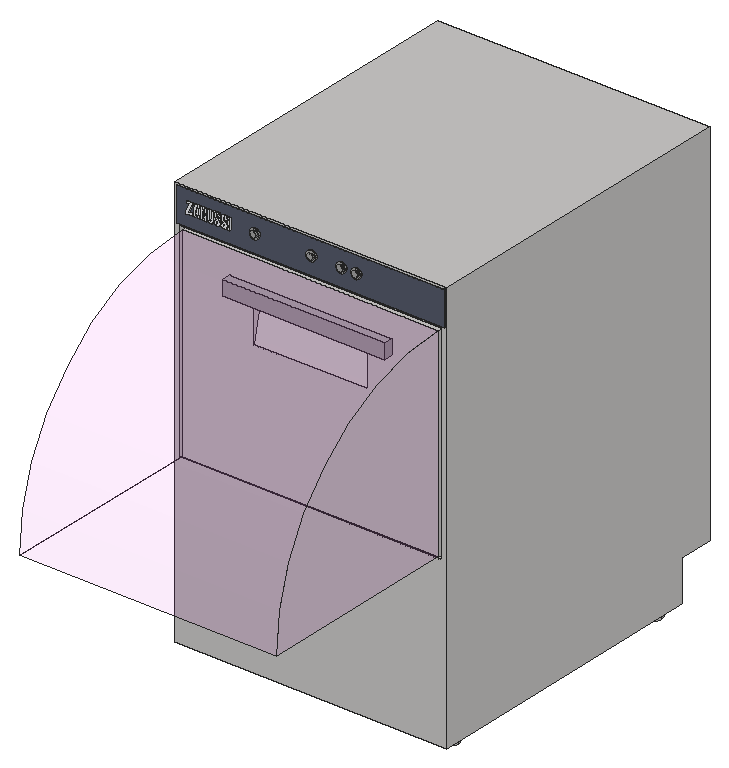
Revit family "QF_ZANUSSI_402295_ZSG", category Attrezzature speciali, Revit 2020
Family settings
  Quota connettore circolare = Usa diametro
  Tipo di parte = Normale
  Basato su piano di lavoro = No
  Sempre verticale = Sì
  Taglio con vuoti quando caricato = No
  Condiviso = Sì
  Punto di calcolo locali = No
Parameters (values of type "Standard")
  Weight = 83.7757 lbm
  Watts = 2700 W
  Volts = 220 V
  URL Manufacturer = "http://www.zanussiprofessional.com"
  URL = "http://www.zanussiprofessional.com"
  Steam Supply Size = 0"
  Steam Supply Minimum Pressure = 0.00 psi
  Steam Supply Maximum Pressure = 0.00 psi
  Steam Consumption per Hour = 0
  Show Logo [instance] = yes
  Show Clearance [instance] = yes
  Refrigeration Suction Line Size = 0 mm
  Refrigeration Liquid Line Size = 0 mm
  Refrigerant Compressor Remote = yes
  Prospetto di default = 0 mm
  Produttore = "Zanussi"
  Phase = 1
  Modello = "ZSG"
  Length Actual = 455 mm  # constant formula
  Item Number = "402295"
  Hot Water Size = 0"
  Height Actual = 700 mm  # constant formula
  HP = "3.6 HP"
  Gas Size = 0"
  Gas KW = 0
  Gas Input Pressure = 0.0 Btu/h
  Direct Waste Size = 1.14173"
  Descrizione = "GLASSWASHER(S) SINGLE SKIN, DRAIN PUMP, DETERGENT DISPENSER, 30B/H"
  Depth Actual = 550 mm  # constant formula
  Cycle = 50 Hz
  Condensate Return Size = 0"
  Compressed Air Volume = 0 GPM
  Compressed Air Size = 0"
  Compressed Air Pressure = 0.00 psi
  Cold Water Size = 3/4"
  Accessory = yes
Reference planes
  plane 1 "BACK": y = 0
  plane 2: z = 0
  plane 3 "LEFT": x = 0
  plane 4 "RIGHT": x = 455
  plane 5 "FRONT": y = -550
  plane 6 "TOP": z = 700
  plane 7: z = 80
Forms (mm)
  Extrusion 1, solid, material "QF_Finishes_Stainless Steel"
    sketch origin (572.404, -56, 162.714) x (1, 0, 0) y (0, 0, 1)
      loop
        line (-392.404, -132.714) -> (-392.404, -152.714) -> (-372.404, -152.714) -> (-372.404, -132.714) -> (-392.404, -132.714)
    from 0 to 2
  Extrusion 2, solid, material "QF_Finishes_Stainless Steel"
    sketch origin (492.814, -53, 212.692) x (1, 0, 0) y (0, 0, 1)
      loop
        circle (-372.814, -140.692) r 8
    from 0 to 5
  Extrusion 3, solid, material "QF_Finishes_Stainless Steel"
    sketch origin (0, 0, 0) x (0, 1, 0) y (0, 0, 1)
      loop
        line (0, 700) -> (-550, 700) -> (-550, 10) -> (-58, 10) -> (-58, 80) -> (0, 80) -> (0, 700)
    from 0 to 455
  Extrusion 4, void
    sketch origin (0, 0, 0) x (0, 1, 0) y (0, 0, 1)
      loop
        line (-520, 637) -> (-550, 637) -> (-550, 290) -> (-520, 290) -> (-520, 637)
    from 7.744 to 447.027
  Extrusion 5, solid, material "QF_Finishes_Stainless Steel"
    sketch origin (0, 0, 0) x (0, 1, 0) y (0, 0, 1)
      loop
        line (-525, 632) -> (-550, 632) -> (-550, 292) -> (-525, 292) -> (-525, 632)
    from 12.721 to 442.431
  Extrusion 6, void
    sketch origin (-10.963, 0, 0) x (0, 1, 0) y (0, 0, 1)
      loop
        line (-550, 567) -> (-550, 502) -> (-535, 567) -> (-550, 567)
    from 143.538 to 333.389
  Extrusion 7, solid, material "QF_Finishes_Gray"
    sketch origin (92.495, 0, 0) x (0, 1, 0) y (0, 0, 1)
      loop
        line (-550, 567) -> (-550, 592) -> (-565, 592) -> (-565, 567) -> (-550, 567)
    from 0 to 270.01
  Extrusion 8, solid, material "QF_Finishes_Navy Blue"
    sketch origin (0, 0, 0) x (0, 1, 0) y (0, 0, 1)
      loop
        line (-550, 640) -> (-550, 697) -> (-550.8, 697) -> (-550.8, 640) -> (-550, 640)
    from 3.223 to 451.973
  Revolve 9, solid, material "QF_Finishes_Door Clearance", visible <- "Show Clearance"
    sketch origin (0, -550, 0) x (1, 0, 0) y (0, 0, 1)
      loop
        line (12.721, 632) -> (12.721, 292) -> (442.431, 292) -> (442.431, 632) -> (12.721, 632)
      axis (442.431, 292) -> (12.721, 292)
    angle from 0 to -90
  Extrusion 10, solid, material "QF_Finishes_Stainless Steel"
    sketch origin (603.814, -53, 212.692) x (1, 0, 0) y (0, 0, 1)
      loop
        circle (-372.814, -140.692) r 8
    from 0 to 5
Cuts and joins
  Extrusion 4, Extrusion 6 cuts Extrusion 3
  Extrusion 6 cuts Extrusion 5
Dimensions and locks
  plane 1 "BACK" to plane 5 "FRONT" = 550 mm
  plane 4 "RIGHT" to plane 3 "LEFT" = 455 mm
  plane 6 "TOP" to level = 700 mm
  plane 3 "LEFT" to plane 4 "RIGHT" = 455 mm
  plane 5 "FRONT" to plane 1 "BACK" = 550 mm
  plane 6 "TOP" to plane 2 = 700 mm
  plane 7 to plane 2 = 80 mm
  cut or joined group of Extrusion 3, Extrusion 4, Extrusion 6 to Revolve 9 = 890 mm
  aligned and locked: level to plane 2
Nested families
  nested 1: "Piedino 10x12.5 mm - DISHWASHING" at (435.5, -517, 0), type "Piedino 10x12.5 mm - DISHWASHING"
  nested 2: "Piedino 10x12.5 mm - DISHWASHING" at (19.5, -517, 0) x (-1, 0, 0) z (0, 0, 1), type "Piedino 10x12.5 mm - DISHWASHING"
  nested 3: "Piedino 10x12.5 mm - DISHWASHING" at (435.5, -91, 0), type "Piedino 10x12.5 mm - DISHWASHING"
  nested 4: "Piedino 10x12.5 mm - DISHWASHING" at (19.5, -91, 0) x (-1, 0, 0) z (0, 0, 1), type "Piedino 10x12.5 mm - DISHWASHING"
  nested 5: "ZANUSSI_Logo - WHITE" at (62.415, -550.8, 719) x (1, 0, 0) z (0, -1, 0), Show Logo <- "Show Logo", visible <- "Show Logo", type "ZANUSSI_Logo - WHITE"
    with Show Logo yes
  nested 6: "Bottone grigio DISHWASHING" at (135, -550.8, 670) x (1, 0, 0) z (0, -1, 0), type "Bottone grigio DISHWASHING"
  nested 7: "Bottone grigio DISHWASHING" at (230, -550.8, 670) x (1, 0, 0) z (0, -1, 0), type "Bottone grigio DISHWASHING"
  nested 8: "Bottone grigio DISHWASHING" at (280, -550.8, 670) x (1, 0, 0) z (0, -1, 0), type "Bottone grigio DISHWASHING"
  nested 9: "Bottone grigio DISHWASHING" at (305, -550.8, 670) x (1, 0, 0) z (0, -1, 0), type "Bottone grigio DISHWASHING"
Connectors
  electrical at (190, -56, 20)
    settings: on Extrusion 1, index 3, voltage 0 V, apparent load 0 VA, apparent load phase1 0 VA, apparent load phase2 0 VA, apparent load phase3 0 VA, power factor 1, load classification "Altro", number of poles 1, system type 30, power factor state 1, is connector primary yes, connector utility no, sub classification motor no, connector description "EI"
  piping at (120, -53, 72), diameter 12.7
    settings: on Extrusion 2, index 4, connector inside diameter 24", connector length 0 mm, flow factor 0, pipe flow 0 GPM, pressure drop 0.00 psi, fitting loss kfactor 0, connector angle 0.00°, fixture units 0, engagement length 0 mm, angle of deflection 0.00°, flow configuration 0, flow direction 0, fitting loss method 0, system type 29, joint type 0, gender type 0, connector reference index -1, connector utility 0, adjustable connector no, is connector primary yes, connector description "WI"
  piping at (231, -53, 72), diameter 12.7
    settings: on Extrusion 10, index 5, connector inside diameter 24", connector length 0 mm, flow factor 0, pipe flow 0 GPM, pressure drop 0.00 psi, fitting loss kfactor 0, connector angle 0.00°, fixture units 0, engagement length 0 mm, angle of deflection 0.00°, flow configuration 0, flow direction 0, fitting loss method 0, system type 29, joint type 0, gender type 0, connector reference index -1, connector utility 0, adjustable connector no, is connector primary no, connector description "D"
Definition of nested family "Piedino 10x12.5 mm - DISHWASHING"
  Parameters (values of type "Piedino 10x12.5 mm - DISHWASHING")
    Default Elevation = 0 mm
    P = 930 mm
    L = 400 mm
    H = 290 mm
  Reference planes
    plane 1: y = 0
    plane 2: z = 0
    plane 3: x = 0
    plane 4: z = 290
    plane 5: z = 24
    plane 6: z = 55
  Forms (mm)
    Extrusion 1, solid
      sketch origin (-373.847, 979.72, 0) x (1, 0, 0) y (0, 1, 0)
        loop
          circle (373.847, -979.72) r 12.5
      from 0 to 10
  Dimensions and locks
    "H": plane 4 to level
    plane 4 to plane 5 to level = 266 mm, 24 mm
    level to plane 6 = 55 mm
    aligned and locked: level to plane 2
  Automatic sketch dimensions
    plane 3 to Extrusion 1 sketch curve = 0 mm
    plane 1 to Extrusion 1 sketch curve = 0 mm
    radius of Extrusion 1 sketch curve = 12.5 mm
Definition of nested family "ZANUSSI_Logo - WHITE"
  Parameters (values of type "ZANUSSI_Logo - WHITE")
    Show Logo [instance] = yes
    Default Elevation = 1219.2 mm
  Reference planes
    plane 1 "Center (Front/Back)": y = -49
    plane 2: z = 0
    plane 3 "Center (Left/Right)": x = -9.92
  Forms (mm)
    Extrusion 1, solid
      sketch origin (0, 0, 0) x (1, 0, 0) y (0, 1, 0)
        loop
          line (-1219.2, 1219.2) -> (-1219.2, -1219.2) -> (1219.2, -1219.2) -> (1219.2, 1219.2) -> (-1219.2, 1219.2)
      from 0 to -304.8
    Extrusion 2, solid, visible <- "Show Logo"
      sketch origin (106.353, -215.165, -50) x (1, 0, 0) y (0, 1, 0)
        loop
          line (-137.419, 156.48) -> (-137.419, 160.444) -> (-143.365, 160.444) -> (-137.419, 172.566) -> (-137.419, 175.851) -> (-147.274, 175.851) -> (-147.274, 172.226) -> (-142.063, 172.339) -> (-147.728, 160.444) -> (-147.728, 156.48) -> (-137.419, 156.48)
        loop
          line (-131.729, 163.73) -> (-129.463, 163.73) -> (-130.596, 172.54) -> (-131.729, 163.73)
        loop
          line (-132.748, 156.48) -> (-132.182, 160.218) -> (-128.897, 160.218) -> (-128.33, 156.48) -> (-124.252, 156.48) -> (-127.877, 175.851) -> (-133.315, 175.851) -> (-136.826, 156.48) -> (-132.748, 156.48)
        loop
          line (-123.75, 175.851) -> (-123.75, 156.48) -> (-120.238, 156.48) -> (-120.238, 169.281) -> (-116.953, 156.48) -> (-112.648, 156.48) -> (-112.648, 175.851) -> (-116.273, 175.851) -> (-116.273, 163.503) -> (-119.558, 175.851) -> (-123.75, 175.851)
        loop
          arc (-111.742, 161.27) -> (-106.896, 156.448) -> (-101.433, 160.558) r 5.22
          line (-101.433, 160.558) -> (-101.433, 175.851) -> (-105.398, 175.851) -> (-105.398, 161.464)
          arc (-105.398, 161.464) -> (-106.44, 160.263) -> (-107.777, 161.124) r 1.214
          line (-107.777, 161.124) -> (-107.777, 175.851) -> (-111.742, 175.851) -> (-111.742, 161.27)
        loop
          line (-94.069, 169.734) -> (-90.331, 169.734) -> (-90.269, 171.495)
          arc (-90.269, 171.495) -> (-90.53, 173.458) -> (-91.761, 175.009) r 3.719
          arc (-91.761, 175.009) -> (-95.38, 176.189) -> (-98.998, 175.009) r 6.139
          arc (-98.998, 175.009) -> (-100.474, 172.145) -> (-100.291, 168.927) r 6.125
          arc (-100.291, 168.927) -> (-99.079, 167.149) -> (-97.591, 165.594) r 13.068
          line (-97.591, 165.594) -> (-95.921, 164.113)
          arc (-95.921, 164.113) -> (-94.934, 163.275) -> (-94.167, 162.233) r 5.571
          arc (-94.167, 162.233) -> (-94.357, 160.41) -> (-96.143, 160.003) r 1.573
          arc (-96.143, 160.003) -> (-96.681, 160.547) -> (-96.911, 161.277) r 1.631
          arc (-96.911, 161.277) -> (-96.929, 161.791) -> (-96.911, 162.305) r 7.441
          arc (-96.911, 162.305) -> (-96.895, 162.791) -> (-96.911, 163.277) r 7.03
          line (-96.911, 163.277) -> (-100.866, 163.277)
          arc (-100.866, 163.277) -> (-100.828, 160.504) -> (-99.735, 157.955) r 7.131
          arc (-99.735, 157.955) -> (-94.571, 156.484) -> (-90.221, 159.633) r 6.148
          arc (-90.221, 159.633) -> (-90.141, 162.884) -> (-91.536, 165.823) r 7.021
          line (-91.536, 165.823) -> (-95.882, 169.734)
          arc (-95.882, 169.734) -> (-96.47, 170.472) -> (-96.785, 171.362) r 2.858
          arc (-96.785, 171.362) -> (-95.666, 172.959) -> (-94.069, 171.84) r 1.379
          line (-94.069, 171.84) -> (-94.069, 169.734)
        loop
          line (-82.771, 169.734) -> (-79.033, 169.734) -> (-78.971, 171.495)
          arc (-78.971, 171.495) -> (-79.232, 173.458) -> (-80.463, 175.009) r 3.719
          arc (-80.463, 175.009) -> (-84.081, 176.189) -> (-87.7, 175.009) r 6.139
          arc (-87.7, 175.009) -> (-89.175, 172.145) -> (-88.993, 168.927) r 6.125
          arc (-88.993, 168.927) -> (-87.781, 167.149) -> (-86.293, 165.594) r 13.068
          line (-86.293, 165.594) -> (-84.623, 164.113)
          arc (-84.623, 164.113) -> (-83.636, 163.275) -> (-82.869, 162.233) r 5.571
          arc (-82.869, 162.233) -> (-83.059, 160.41) -> (-84.845, 160.003) r 1.573
          arc (-84.845, 160.003) -> (-85.383, 160.547) -> (-85.613, 161.277) r 1.631
          arc (-85.613, 161.277) -> (-85.631, 161.791) -> (-85.613, 162.305) r 7.441
          arc (-85.613, 162.305) -> (-85.596, 162.791) -> (-85.613, 163.277) r 7.03
          line (-85.613, 163.277) -> (-89.568, 163.277)
          arc (-89.568, 163.277) -> (-89.53, 160.504) -> (-88.437, 157.955) r 7.131
          arc (-88.437, 157.955) -> (-83.272, 156.484) -> (-78.922, 159.633) r 6.148
          arc (-78.922, 159.633) -> (-78.843, 162.884) -> (-80.238, 165.823) r 7.021
          line (-80.238, 165.823) -> (-84.584, 169.734)
          arc (-84.584, 169.734) -> (-85.171, 170.472) -> (-85.486, 171.362) r 2.858
          arc (-85.486, 171.362) -> (-84.368, 172.959) -> (-82.771, 171.84) r 1.379
          line (-82.771, 171.84) -> (-82.771, 169.734)
        loop
          line (-78.21, 175.851) -> (-78.21, 156.48) -> (-74.245, 156.48) -> (-74.245, 175.851) -> (-78.21, 175.851)
      from 50 to 51.6
  Dimensions and locks
    aligned and locked: plane 2 to Extrusion 1
    aligned and locked: level to Extrusion 1
Definition of nested family "Bottone grigio DISHWASHING"
  Parameters (values of type "Bottone grigio DISHWASHING")
    Default Elevation = 1219.2 mm
  Reference planes
    plane 1 "Centro (Fronte/Retro)": y = 0
    plane 2: z = 0
    plane 3 "Centro (Sinistra/Destra)": x = 0
  Forms (mm)
    Extrusion 1, solid
      sketch origin (0, 0, 0) x (1, 0, 0) y (0, 1, 0)
        loop
          line (-1219.2, 1219.2) -> (-1219.2, -1219.2) -> (1219.2, -1219.2) -> (1219.2, 1219.2) -> (-1219.2, 1219.2)
      from 0 to -304.8
    Extrusion 2, solid
      sketch origin (0, 0, 0) x (1, 0, 0) y (0, 1, 0)
        loop
          circle (0, 0) r 8
        loop
          circle (0, 0) r 5
      from 0 to 2
    Extrusion 3, solid
      sketch origin (0, 0, 0) x (1, 0, 0) y (0, 1, 0)
        loop
          circle (0, 0) r 4.9
      from 0 to 4
  Dimensions and locks
    aligned and locked: plane 2 to Extrusion 1
    aligned and locked: level to Extrusion 1
